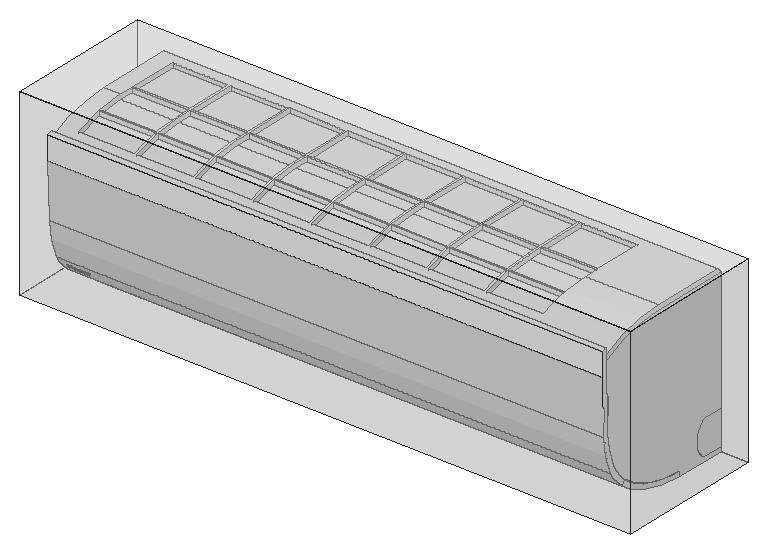
Revit family "outputfile", category 機械設備, Revit 2024
Family settings
  丸型コネクタ寸法 = 半径を使用
  パーツ タイプ = 標準
  OmniClass 番号 = 23.75.10.24.21.27.27
  OmniClass タイトル = Split System Air Conditioning Units
  作業面ベース = いいえ
  常に垂直 = はい
  ロード時にボイドで切り取り = いいえ
  注釈の向きを維持 = いいえ
  共有 = いいえ
  部屋計算ポイント = いいえ
Parameters (values of type "FTXV60QVMV")
  Description = ""
  書き出し IFC クラス(タイプ) = "IfcUnitaryEquipmentType"
  定義済み IFC タイプ(タイプ) = "AIRCONDITIONINGUNIT"
  Cost = 0
  Type Comments = ""
  Keynote = ""
  Type Image = (empty or 0)
  Assembly Code = ""
  w_wall hole = if(Width = 770.0 mm, 48.0 mm, 60.0 mm)  # 60.0 mm
  製造元 = "Daikin"
  モデル = "FTXV60QVMV"
  switch_frequency = yes
  r_Liquid Pipe Size = Liquid Pipe Size / 2  # 3.2 mm
  r_Gas Pipe Size = Gas Pipe Size / 2  # 6.35 mm
  r_Drain Pipe Size = Drain Pipe Size / 2  # 8.0 mm
  lw_powersupply [instance] = if(Width = 770.0 mm, if(or(Rear Right Connection_refrigerant, Bottom Right Connection_refrigerant), 25.0 mm, if(or(Rear Left Connection_refrigerant, Bottom Left Connection_refrigerant), 745.0 mm, 400.0 mm)), if(Width = 990.0 mm, if(or(Rear Right Connection_refrigerant, Bottom Right Connection_refrigerant), 40.0 mm, if(or(Rear Left Connection_refrigerant, Bottom Left Connection_refrigerant), 920.0 mm, 400.0 mm)), if(or(Rear Right Connection_refrigerant, Bottom Right Connection_refrigerant), 40.0 mm, if(or(Rear Left Connection_refrigerant, Bottom Left Connection_refrigerant), 920.0 mm, 400.0 mm))))  # 400.0 mm
  lw_liquidpipe [instance] = if(Width = 770.0 mm, if(or(Rear Right Connection_refrigerant, Bottom Right Connection_refrigerant), 0.0 mm, if(or(Rear Left Connection_refrigerant, Bottom Left Connection_refrigerant), 664.0 mm, 385.0 mm)), if(Width = 990.0 mm, if(or(Rear Right Connection_refrigerant, Bottom Right Connection_refrigerant), 0.0 mm, if(or(Rear Left Connection_refrigerant, Bottom Left Connection_refrigerant), 664.0 mm + (990.0 mm - 770.0 mm), 475.0 mm)), if(or(Rear Right Connection_refrigerant, Bottom Right Connection_refrigerant), 0.0 mm, if(or(Rear Left Connection_refrigerant, Bottom Left Connection_refrigerant), 664.0 mm + (990.0 mm - 770.0 mm), 475.0 mm))))  # 475.0 mm
  lw_gaspipe [instance] = if(Width = 770.0 mm, if(or(Rear Right Connection_refrigerant, Bottom Right Connection_refrigerant), 0.0 mm, if(or(Rear Left Connection_refrigerant, Bottom Left Connection_refrigerant), 675.0 mm, if(Gas Pipe Size = 12.7 mm, 345.0 mm, 335.0 mm))), if(Width = 990.0 mm, if(or(Rear Right Connection_refrigerant, Bottom Right Connection_refrigerant), 10.0 mm, if(or(Rear Left Connection_refrigerant, Bottom Left Connection_refrigerant), 890.0 mm, if(Gas Pipe Size = 15.9 mm, 410.0 mm, 400.0 mm))), if(or(Rear Right Connection_refrigerant, Bottom Right Connection_refrigerant), 10.0 mm, if(or(Rear Left Connection_refrigerant, Bottom Left Connection_refrigerant), 890.0 mm, if(Gas Pipe Size = 15.9 mm, 410.0 mm, 400.0 mm)))))  # 400.0 mm
  lw_drainpipe [instance] = if(Width = 770.0 mm, if(or(Rear Right Connection_refrigerant, Bottom Right Connection_refrigerant), 0.0 mm, if(or(Rear Left Connection_refrigerant, Bottom Left Connection_refrigerant), 770.0 mm - 48.0 mm - 48.0 mm, 440.0 mm)), if(Width = 990.0 mm, if(or(Rear Right Connection_refrigerant, Bottom Right Connection_refrigerant), 0.0 mm, if(or(Rear Left Connection_refrigerant, Bottom Left Connection_refrigerant), 675.0 mm + (990.0 mm - 770.0 mm), 435.0 mm)), if(or(Rear Right Connection_refrigerant, Bottom Right Connection_refrigerant), 0.0 mm, if(or(Rear Left Connection_refrigerant, Bottom Left Connection_refrigerant), 675.0 mm + (990.0 mm - 770.0 mm), 435.0 mm))))  # 435.0 mm
  l_powersupply_length [instance] = if(Width = 770.0 mm, if(Right Connection_refrigerant, 400.0 mm, if(Left Connection_refrigerant, 770.0 mm - 400.0 mm, if(or(Rear Left Connection_refrigerant, Rear Right Connection_refrigerant), 15.0 mm, 50.0 mm))), if(Width = 990.0 mm, if(Right Connection_refrigerant, 400.0 mm, if(Left Connection_refrigerant, 990.0 mm - 400.0 mm, if(or(Rear Left Connection_refrigerant, Rear Right Connection_refrigerant), 15.0 mm, 50.0 mm))), if(Right Connection_refrigerant, 400.0 mm, if(Left Connection_refrigerant, 990.0 mm - 400.0 mm, if(or(Rear Left Connection_refrigerant, Rear Right Connection_refrigerant), 15.0 mm, 50.0 mm)))))  # 400.0 mm
  l_liquidpipe_length [instance] = if(Width = 770.0 mm, if(Right Connection_refrigerant, 433.0 mm, if(Left Connection_refrigerant, 337.0 mm, if(or(Rear Left Connection_refrigerant, Rear Right Connection_refrigerant), 30.0 mm, 40.0 mm))), if(Width = 990.0 mm, if(Right Connection_refrigerant, 535.0 mm, if(Left Connection_refrigerant, 455.0 mm, if(or(Rear Left Connection_refrigerant, Rear Right Connection_refrigerant), 30.0 mm, 40.0 mm))), if(Right Connection_refrigerant, 535.0 mm, if(Left Connection_refrigerant, 455.0 mm, if(or(Rear Left Connection_refrigerant, Rear Right Connection_refrigerant), 30.0 mm, 40.0 mm)))))  # 535.0 mm
  l_gaspipe_length [instance] = if(Width = 770.0 mm, if(Right Connection_refrigerant, if(Gas Pipe Size = 12.7 mm, 393.0 mm, 383.0 mm), if(Left Connection_refrigerant, if(Gas Pipe Size = 12.7 mm, 770.0 mm - 393.0 mm, 770.0 mm - 383.0 mm), if(or(Rear Left Connection_refrigerant, Rear Right Connection_refrigerant), 40.0 mm, 50.0 mm))), if(Width = 990.0 mm, if(Right Connection_refrigerant, if(Gas Pipe Size = 15.9 mm, 470.0 mm, 460.0 mm), if(Left Connection_refrigerant, if(Gas Pipe Size = 15.9 mm, 990.0 mm - 470.0 mm, 990.0 mm - 460.0 mm), if(or(Rear Left Connection_refrigerant, Rear Right Connection_refrigerant), 40.0 mm, 50.0 mm))), if(Right Connection_refrigerant, if(Gas Pipe Size = 15.9 mm, 470.0 mm, 460.0 mm), if(Left Connection_refrigerant, if(Gas Pipe Size = 15.9 mm, 990.0 mm - 470.0 mm, 990.0 mm - 460.0 mm), if(or(Rear Left Connection_refrigerant, Rear Right Connection_refrigerant), 40.0 mm, 50.0 mm)))))  # 460.0 mm
  l_drainpipe_length [instance] = if(Width = 770.0 mm, if(Right Connection_refrigerant, 488.0 mm, if(Left Connection_refrigerant, 282.0 mm, if(or(Rear Left Connection_refrigerant, Rear Right Connection_refrigerant), 15.0 mm, 20.0 mm))), if(Width = 990.0 mm, if(Right Connection_refrigerant, 495.0 mm, if(Left Connection_refrigerant, 495.0 mm, if(or(Rear Left Connection_refrigerant, Rear Right Connection_refrigerant), 15.0 mm, 20.0 mm))), if(Right Connection_refrigerant, 495.0 mm, if(Left Connection_refrigerant, 495.0 mm, if(or(Rear Left Connection_refrigerant, Rear Right Connection_refrigerant), 15.0 mm, 20.0 mm)))))  # 495.0 mm
  h*** = 0.0 mm  # constant formula
  connector_voltage = Voltage_50Hz  # 230 V
  connector_powerinput = if([Power Input (Cooling)] > [Power Input (Heating)], [Power Input (Cooling)], [Power Input (Heating)])  # 0.000 kW
  connector_phase = Phase_50Hz  # 1
  angle_vertical [instance] = if(or(Bottom Left Connection_refrigerant, Bottom Right Connection_refrigerant), 0.00°, 90.00°)  # 90.00°
  angle_horizontal [instance] = if(Right Connection_refrigerant, 90.00°, if(Left Connection_refrigerant, -90.00°, if(or(Rear Left Connection_refrigerant, Rear Right Connection_refrigerant), 180.00°, 0.00°)))  # 90.00°
  Width = 990.0 mm
  Voltage_comment_50Hz = "220 - 240"
  Voltage_50Hz = 230 V
  Version = "ver.1.0"
  Unit Type = "Wall Mounted"
  Unit Mass Weight = 13.00 kg
  Unit Designation [instance] = ""
  Uniclass2015Version = "Products v1.30"
  Uniclass2015Title = "Split coil room air conditioning units"
  Uniclass2015Code = "Pr_70_65_03_86"
  URL = ""
  Total Heating Capacity [instance] = 0.000 kW
  Total Cooling Capacity [instance] = 0.000 kW
  Sound Pressure Level_M speed (dBA) = 42
  Sound Pressure Level_L speed (dBA) = 36
  Sound Pressure Level_H speed (dBA) = 48
  Sound Power Level_H speed (dB) = 0
  Series = "Single Split_Fan Coil Unit"
  Sensible Cooling Capacity [instance] = 0.000 kW
  Refrigerant Type = "R32"
  Power Input (Heating) = 0.000 kW
  Power Input (Cooling) = 0.000 kW
  Phase_50Hz = 1
  Option Accessory 3 [instance] = ""
  Option Accessory 2 [instance] = ""
  Option Accessory 1 [instance] = ""
  Nominal Heating Capacity = 7.200 kW
  Nominal Cooling Capacity = 6.000 kW
  Minimum Circuit Amps_50Hz = 0.0 A
  Minimum Airflow = 720.00 m³/h
  Median Airflow = 900.00 m³/h
  Maximum Fuse Amps_50Hz = 0.0 A
  Maximum Airflow = 1120.00 m³/h
  Material_Casing = DAIKIN_PureWhite_Casing_indoorunit
  Load Classification = HVAC
  Liquid Pipe Size = 6.4 mm
  Link_Nested Family [instance] = ""
  IfcVersion = ""
  IfcExportType = "AIRCONDITIONINGUNIT"
  IfcExportAs = "IfcUnitaryEquipmentType"
  Height = 295.0 mm
  Heating Entering Wet Bulb Temperature [instance] = 0.00 °C
  Heating Entering Dry Bulb Temperature [instance] = 0.00 °C
  Heating Ambient Wet Bulb Temperature [instance] = 0.00 °C
  Heating Ambient Dry Bulb Temperature [instance] = 0.00 °C
  Heat Exchanger Type = "Cross Fin Coil"
  Gas Pipe Size = 12.7 mm
  Frequency_50Hz = 50 Hz
  Fan Type = "Cross Flow Fan"
  Fan Drive = "Direct Drive"
  FCU Tag No. [instance] = ""
  Drain Pipe Size = 16.0 mm
  Design Supply Airflow [instance] = 0.00 m³/h
  Depth = 263.0 mm
  既定の高さ = 0.0 mm
  Cooling Entering Wet Bulb Temperature [instance] = 0.00 °C
  Cooling Entering Dry Bulb Temperature [instance] = 0.00 °C
  Cooling Ambient Wet Bulb Temperature [instance] = 0.00 °C
  Cooling Ambient Dry Bulb Temperature [instance] = 0.00 °C
  Clearance visibility [instance] = yes
  Clearance Top = 30.0 mm
  Clearance Right = 50.0 mm
  Clearance Rear = 0.0 mm
  Clearance Left = 50.0 mm
  Clearance Front = 0.0 mm
  Clearance Bottom = 0.0 mm
  Bottom Right Connection_refrigerant [instance] = no
  Bottom Left Connection_refrigerant [instance] = no
  Rear Right Connection_refrigerant [instance] = no
  Rear Left Connection_refrigerant [instance] = no
  Right Connection_refrigerant [instance] = yes
  Left Connection_refrigerant [instance] = no
Reference planes
  plane 1 "Back": y = 0
  plane 2: z = 0
  plane 3 "Center (Left/Right)": x = 0
  plane 4 "Center (Front/Back)": y = -131.5
  plane 5 "Front": y = -263
  plane 6 "Left": x = -495
  plane 7 "Right": x = 495
  plane 8 "Top": z = 0
  plane 9 "Bottom": z = -295
  plane 10: x = -545
  plane 11: x = 545
  plane 12: y = 0
  plane 13: y = -263
  plane 14: z = 30
  plane 15: z = -295
  plane 16 "lw_Piping and Wiring intake": x = 435
  plane 17 "lw_gaspipe": x = 35
  plane 18 "lw_liquidpipe": x = -40
  plane 19 "lw_drainpipe": x = 0
  plane 20 "lh_drainpipe": z = -275
  plane 21 "lh_liquidpipe": z = -255
  plane 22 "lh_gaspipe": z = -245
  plane 23 "ld_drainpipe": y = -15
  plane 24 "ld_liquidpipe": y = -30
  plane 25 "ld_gaspipe": y = -40
  plane 26 "lw_powersupply": x = 95
Dimensions and locks
  equal spacing: plane 6 "Left", plane 3 "Center (Left/Right)", plane 7 "Right"
  "Width": plane 6 "Left" to plane 7 "Right"
  equal spacing: plane 5 "Front", plane 4 "Center (Front/Back)", plane 1 "Back"
  "Depth": plane 5 "Front" to plane 1 "Back"
  "Height": plane 8 "Top" to plane 9 "Bottom"
  "Clearance Rear": plane 12 to plane 1 "Back"
  "Clearance Front": plane 13 to plane 5 "Front"
  "Clearance Top": plane 14 to plane 8 "Top"
  "Clearance Bottom": plane 9 "Bottom" to plane 15
  "w_wall hole": plane 16 "lw_Piping and Wiring intake" to plane 7 "Right"
  "lw_gaspipe": plane 17 "lw_gaspipe" to plane 16 "lw_Piping and Wiring intake"
  "lw_liquidpipe": plane 18 "lw_liquidpipe" to plane 16 "lw_Piping and Wiring intake"
  "lw_drainpipe": plane 19 "lw_drainpipe" to plane 16 "lw_Piping and Wiring intake"
  locked: plane 20 "lh_drainpipe" to plane 9 "Bottom" at 20
  locked: plane 21 "lh_liquidpipe" to plane 9 "Bottom" at 40
  locked: plane 22 "lh_gaspipe" to plane 9 "Bottom" at 50
  locked: plane 23 "ld_drainpipe" to plane 1 "Back" at 15
  locked: plane 1 "Back" to plane 24 "ld_liquidpipe" at 30
  locked: plane 1 "Back" to plane 25 "ld_gaspipe" at 40
  "lw_powersupply": plane 26 "lw_powersupply" to plane 7 "Right"
  "Clearance Left": plane 10 to plane 6 "Left"
  "Clearance Right": plane 7 "Right" to plane 11
  aligned and locked: level to plane 2
  aligned and locked: plane 12 to nested 1
  aligned and locked: nested 1 to plane 13
  aligned and locked: plane 10 to nested 1
  aligned and locked: plane 11 to nested 1
  aligned and locked: plane 15 to nested 1
  aligned and locked: plane 14 to nested 1
  aligned and locked: plane 17 "lw_gaspipe" to nested 2
  aligned and locked: nested 2 to plane 25 "ld_gaspipe"
  aligned and locked: plane 18 "lw_liquidpipe" to nested 3
  aligned and locked: nested 3 to plane 24 "ld_liquidpipe"
  aligned and locked: plane 19 "lw_drainpipe" to nested 4
  aligned and locked: nested 4 to plane 23 "ld_drainpipe"
  aligned and locked: nested 5 to plane 23 "ld_drainpipe"
  aligned and locked: plane 26 "lw_powersupply" to nested 5
  aligned and locked: level to plane 8 "Top"
  aligned and locked: plane 3 "Center (Left/Right)" to nested 6
  aligned and locked: plane 1 "Back" to nested 6
  aligned and locked: plane 8 "Top" to nested 6
Nested families
  nested 1: "daikin_clearancespace" at (0, -131.5, -132.381), show <- "Clearance visibility", visible <- "Clearance visibility", Link_Nested Family <- "Link_Nested Family", type "daikin_clearancespace"
    with width 1090.0 mm, show yes, height 325.0 mm, depth 263.0 mm, Link_Nested Family ""
  nested 2: "daikin_connector_rotate3" at (35, -40, -245), angle_vertical <- "angle_vertical", angle_horizontal <- "angle_horizontal", length <- "l_gaspipe_length", radius <- "r_Gas Pipe Size", type "daikin_connector_rotate3"
    with show no, radius 6.35 mm, length 460.0 mm, angle_vertical 90.00°, angle_horizontal 90.00°
  nested 3: "daikin_connector_rotate3" at (-40, -30, -255), angle_vertical <- "angle_vertical", angle_horizontal <- "angle_horizontal", radius <- "r_Liquid Pipe Size", length <- "l_liquidpipe_length", type "daikin_connector_rotate3"
    with show no, radius 3.2 mm, length 535.0 mm, angle_vertical 90.00°, angle_horizontal 90.00°
  nested 4: "daikin_connector_rotate3" at (0, -15, -275), angle_vertical <- "angle_vertical", angle_horizontal <- "angle_horizontal", length <- "l_drainpipe_length", radius <- "r_Drain Pipe Size", type "daikin_connector_rotate3"
    with show no, radius 8.0 mm, length 495.0 mm, angle_vertical 90.00°, angle_horizontal 90.00°
  nested 5: "daikin_connector_rotate3" at (95, -15, -245), angle_vertical <- "angle_vertical", angle_horizontal <- "angle_horizontal", length <- "l_powersupply_length", type "daikin_connector_rotate3"
    with show no, radius 10.0 mm, length 400.0 mm, angle_vertical 90.00°, angle_horizontal 90.00°
  nested 6: "DAIKIN_indoorunit_FTXV-QVMV" at (-31, 0, 0), type "FTXV-QVMV"
    with switch_unit1_50-71 yes, switch_unit1_25-35 no, Width 990.0 mm, WALL HOLE-R 60.0 mm, WALL HOLE Size 80.0 mm, Height 295.0 mm
Connectors
  piping at (495, -40, -245), diameter 12.7, driven by "r_Gas Pipe Size"
    settings: on nested 2, index 1, connector inside diameter 609.6 mm, connector length 0.0 mm, flow factor 0, pipe flow 0.00 m³/h, pressure drop 0.0 Pa, fitting loss kfactor 0, connector angle 0.00°, fixture units 0, engagement length 0.0 mm, angle of deflection 0.00°, flow configuration 1, flow direction 2, fitting loss method 0, system type 29, joint type 0, gender type 0, connector reference index -1, connector utility 0, adjustable connector no, is connector primary yes, connector description "Refrigerant Gas Piping"
  piping at (495, -30, -255), diameter 6.4, driven by "r_Liquid Pipe Size"
    settings: on nested 3, index 2, connector inside diameter 609.6 mm, connector length 0.0 mm, flow factor 0, pipe flow 0.00 m³/h, pressure drop 0.0 Pa, fitting loss kfactor 0, connector angle 0.00°, fixture units 0, engagement length 0.0 mm, angle of deflection 0.00°, flow configuration 1, flow direction 1, fitting loss method 0, system type 29, joint type 0, gender type 0, connector reference index -1, connector utility 0, adjustable connector no, is connector primary no, connector description "Refrigerant Liquid Piping"
  piping at (495, -15, -275), diameter 16, driven by "r_Drain Pipe Size"
    settings: on nested 4, index 3, connector inside diameter 609.6 mm, connector length 0.0 mm, flow factor 0, pipe flow 0.00 m³/h, pressure drop 0.0 Pa, fitting loss kfactor 0, connector angle 0.00°, fixture units 0, engagement length 0.0 mm, angle of deflection 0.00°, flow configuration 1, flow direction 2, fitting loss method 4, system type 16, joint type 0, gender type 0, connector reference index -1, connector utility 0, adjustable connector no, is connector primary no, connector description "Condensate Drain Piping"
  electrical at (495, -15, -245), driven by "Load Classification", driven by "connector_powerinput", driven by "connector_phase", driven by "connector_voltage"
    settings: on nested 5, index 4, voltage 230 V, apparent load 0 VA, apparent load phase1 0 VA, apparent load phase2 0 VA, apparent load phase3 0 VA, power factor 1, load classification "HVAC", number of poles 1, system type 30, power factor state 1, is connector primary yes, connector utility no, sub classification motor no, connector description "Power Supply"
Definition of nested family "daikin_clearancespace"
  Parameters (values of type "daikin_clearancespace")
    Description = "daikin_clearancespace"
    width [instance] = 1823.963 mm
    show [instance] = yes
    material = none
    height [instance] = 1359.762 mm
    depth [instance] = 880.0 mm
    Default Elevation = 0.0 mm
    Link_Nested Family [instance] = ""
  Reference planes
    plane 1 "Center (Front/Back)": y = 0
    plane 2 "Center (Elevation)": z = -0.119
    plane 3 "Center (Left/Right)": x = 0
    plane 4: y = 440
    plane 5: y = -440
    plane 6 "Right": x = 911.982
    plane 7 "Left": x = -911.982
    plane 8 "Top": z = 679.762
    plane 9 "Bottom": z = -680
  Forms (mm)
    Extrusion 1, solid, material <- "material", visible <- "show"
      sketch origin (0, 0, 0) x (1, 0, 0) y (0, 1, 0)
        loop
          line (-911.982, 440) -> (-911.982, -440) -> (911.982, -440) -> (911.982, 440) -> (-911.982, 440)
      from -680 to 679.762
  Lines and regions (mm)
    symbolic lines, visible <- "show"
      curve 1: line (911.982, 440, 0) -> (-911.982, 440, 0)
      curve 2: line (-911.982, 440, 0) -> (-911.982, -440, 0)
      curve 3: line (-911.982, -440, 0) -> (911.982, -440, 0)
      curve 4: line (911.982, -440, 0) -> (911.982, 440, 0)
      curve 5: line (911.982, 0, 679.762) -> (-911.982, 0, 679.762)
      curve 6: line (911.982, 0, -680) -> (911.982, 0, 679.762)
      curve 7: line (-911.982, 0, -680) -> (911.982, 0, -680)
      curve 8: line (-911.982, 0, 679.762) -> (-911.982, 0, -680)
      curve 9: line (0, 440, 679.762) -> (0, -440, 679.762)
      curve 10: line (0, -440, 679.762) -> (0, -440, -680)
      curve 11: line (0, 440, -680) -> (0, 440, 679.762)
      curve 12: line (0, -440, -680) -> (0, 440, -680)
  Dimensions and locks
    "width": plane 7 "Left" to plane 6 "Right"
    "depth": plane 4 to plane 5
    "height": plane 8 "Top" to plane 9 "Bottom"
    equal spacing: plane 7 "Left", plane 3 "Center (Left/Right)", plane 6 "Right"
    equal spacing: plane 4, plane 1 "Center (Front/Back)", plane 5
    equal spacing: plane 8 "Top", plane 2 "Center (Elevation)", plane 9 "Bottom"
    aligned and locked: level to plane 2 "Center (Elevation)"
    aligned and locked: Extrusion 1 sketch curve to plane 4
    aligned and locked: plane 7 "Left" to Extrusion 1 sketch curve
    aligned and locked: Extrusion 1 sketch curve to plane 5
    aligned and locked: Extrusion 1 sketch curve to plane 6 "Right"
    aligned and locked: plane 8 "Top" to Extrusion 1
    aligned and locked: curve 1 to Extrusion 1
    aligned and locked: curve 2 to Extrusion 1
    aligned and locked: curve 3 to Extrusion 1
    aligned and locked: curve 4 to Extrusion 1
    aligned and locked: curve 5 to Extrusion 1
    aligned and locked: curve 6 to Extrusion 1
    aligned and locked: curve 7 to Extrusion 1
    aligned and locked: curve 8 to Extrusion 1
    aligned and locked: curve 9 to Extrusion 1
    aligned and locked: curve 10 to Extrusion 1
    aligned and locked: curve 11 to Extrusion 1
    aligned and locked: curve 12 to Extrusion 1
    aligned and locked: Extrusion 1 to plane 9 "Bottom"
Definition of nested family "DAIKIN_indoorunit_FTXV-QVMV"
  Parameters (values of type "CTKM-RVMV")
    switch_unit1_50-71 = Width = 990.0 mm  # no
    switch_unit1_25-35 = Width = 770.0 mm  # yes
    Width = 770.0 mm
    WALL HOLE-R = if(Width = 770.0 mm, 48.0 mm, 60.0 mm)  # 48.0 mm
    WALL HOLE Size = if(Width = 770.0 mm, 65.0 mm, 80.0 mm)  # 65.0 mm
    Material_Casing = none
    Height = if(Width = 770.0 mm, 285.0 mm, 295.0 mm)  # 285.0 mm
    Default Elevation = 0.0 mm
  Reference planes
    plane 1 "Center (Front/Back)": y = 0
    plane 2 "reference_level": z = 0
    plane 3 "Center (Left/Right)": x = 31
    plane 4: x = -354
    plane 5: x = 416
    plane 6: z = -285
  Forms (mm)
    Extrusion 1, solid, material <- "Material_Casing", visible <- "switch_unit1_25-35"
      sketch origin (29, 0, 0) x (0, 1, 0) y (0, 0, 1)
        loop
          line (-5, 0) -> (-98, 0)
          arc (-98, 0) -> (-157.611, -7.211) -> (-213.783, -28.427) r 250
          arc (-213.783, -28.427) -> (-213.842, -32.972) -> (-213.892, -37.516) r 2191
          arc (-213.892, -37.516) -> (-157.832, -15.495) -> (-98.07, -8) r 242
          line (-98.07, -8) -> (0, -8) -> (-5, 0)
      from -383 to 387
    Extrusion 2, solid, material <- "Material_Casing", visible <- "switch_unit1_25-35"
      sketch origin (416, 1296.25, 1200) x (0, 1, 0) y (0, 0, 1)
        loop
          line (-1472.998, -1446.91) -> (-1476.998, -1453.839)
          arc (-1476.998, -1453.839) -> (-1437.481, -1472.422) -> (-1395.25, -1483.538) r 240
          line (-1395.25, -1483.538) -> (-1395.25, -1475.422)
          arc (-1395.25, -1475.422) -> (-1435.407, -1464.663) -> (-1472.998, -1446.91) r 232
      from 0 to -47.5
    Extrusion 3, solid, material <- "Material_Casing", visible <- "switch_unit1_25-35"
      sketch origin (29, 0, 0) x (0, 1, 0) y (0, 0, 1)
        loop
          arc (-223, -60.455) -> (-222.414, -110.646) -> (-220.656, -160.81) r 2149.92
          arc (-220.656, -160.81) -> (-219.65, -174.299) -> (-217.853, -187.706) r 229.911
          arc (-217.853, -187.706) -> (-205.371, -223.594) -> (-181.517, -253.17) r 111
          line (-181.517, -253.17) -> (-177.429, -246.093)
          arc (-177.429, -246.093) -> (-198.77, -218.989) -> (-209.965, -186.36) r 103
          arc (-209.965, -186.36) -> (-211.681, -173.586) -> (-212.651, -160.735) r 221.844
          arc (-212.651, -160.735) -> (-214.739, -93.233) -> (-214.74, -25.699) r 2186.828
          arc (-214.74, -25.699) -> (-214.671, -21.467) -> (-214.594, -17.235) r 2192
          line (-214.594, -17.235) -> (-223, -19.961) -> (-223, -60.455)
      from -383 to 387
    Extrusion 4, solid, material <- "Material_Casing", visible <- "switch_unit1_25-35"
      sketch origin (29, 0, -20) x (0, 1, 0) y (0, 0, 1)
        loop
          line (0, -265) -> (0, 12) -> (-98.07, 12)
          arc (-98.07, 12) -> (-157.832, 4.505) -> (-213.892, -17.516) r 242
          arc (-213.892, -17.516) -> (-213.638, -79.114) -> (-211.653, -140.681) r 2191
          arc (-211.653, -140.681) -> (-210.685, -153.501) -> (-208.973, -166.243) r 221
          arc (-208.973, -166.243) -> (-197.471, -199.282) -> (-175.482, -226.491) r 102
          arc (-175.482, -226.491) -> (-138.004, -244.019) -> (-98, -254.579) r 231
          line (-98, -254.579) -> (-98, -265) -> (0, -265)
      from -383 to 387
    Extrusion 5, solid, material <- "Material_Casing", visible <- "switch_unit1_25-35"
      sketch origin (-354, 1296.25, 1200) x (0, 1, 0) y (0, 0, 1)
        loop
          line (-1472.998, -1446.91) -> (-1476.998, -1453.839)
          arc (-1476.998, -1453.839) -> (-1437.481, -1472.422) -> (-1395.25, -1483.538) r 240
          line (-1395.25, -1483.538) -> (-1395.25, -1475.422)
          arc (-1395.25, -1475.422) -> (-1435.407, -1464.663) -> (-1472.998, -1446.91) r 232
      from 47 to 0
    Extrusion 6, solid, material <- "Material_Casing", visible <- "switch_unit1_25-35"
      sketch origin (416, 1296.25, 1200) x (0, 1, 0) y (0, 0, 1)
        loop
          line (-1472.998, -1446.91) -> (-1476.998, -1453.839)
          arc (-1476.998, -1453.839) -> (-1443.437, -1470.168) -> (-1407.75, -1481.097) r 240
          line (-1407.75, -1481.097) -> (-1407.75, -1472.894)
          arc (-1407.75, -1472.894) -> (-1441.363, -1462.385) -> (-1472.998, -1446.91) r 232
      from -116.993 to -48.493
    Extrusion 7, solid, material <- "Material_Casing", visible <- "switch_unit1_25-35"
      sketch origin (416, 1296.25, 1200) x (0, 1, 0) y (0, 0, 1)
        loop
          line (-1472.998, -1446.91) -> (-1476.998, -1453.839)
          arc (-1476.998, -1453.839) -> (-1443.437, -1470.168) -> (-1407.75, -1481.097) r 240
          line (-1407.75, -1481.097) -> (-1407.75, -1472.894)
          arc (-1407.75, -1472.894) -> (-1441.363, -1462.385) -> (-1472.998, -1446.91) r 232
      from -717 to -121.993
    Extrusion 8, void
      sketch origin (31, 0, -235) x (1, 0, 0) y (0, 1, 0)
        loop
          line (-252.674, -22.316) -> (-354.941, -22.316) -> (-354.941, -91.341) -> (-252.674, -91.341) -> (-252.674, -22.316)
        loop
          line (-249.341, -91.341) -> (-151.574, -91.341) -> (-151.574, -22.316) -> (-249.341, -22.316) -> (-249.341, -91.341)
        loop
          line (58.309, -22.316) -> (-148.309, -22.316) -> (-148.309, -91.341) -> (58.309, -91.341) -> (58.309, -22.316)
        loop
          line (61.689, -22.316) -> (61.689, -91.341) -> (159.457, -91.341) -> (159.457, -22.316) -> (61.689, -22.316)
        loop
          line (162.789, -22.316) -> (162.789, -91.341) -> (265.057, -91.341) -> (265.057, -22.316) -> (162.789, -22.316)
        loop
          line (-354.941, -94.659) -> (-354.941, -165.259) -> (-252.674, -165.259) -> (-252.674, -94.659) -> (-354.941, -94.659)
        loop
          line (-249.341, -94.659) -> (-249.341, -165.259) -> (-151.574, -165.259) -> (-151.574, -94.659) -> (-249.341, -94.659)
        loop
          line (-148.309, -94.659) -> (-148.309, -165.259) -> (58.309, -165.259) -> (58.309, -94.659) -> (-148.309, -94.659)
        loop
          line (61.689, -94.659) -> (61.689, -165.259) -> (159.457, -165.259) -> (159.457, -94.659) -> (61.689, -94.659)
        loop
          line (162.789, -94.659) -> (162.789, -165.259) -> (265.057, -165.259) -> (265.057, -94.659) -> (162.789, -94.659)
        loop
          line (-354.941, -167.382) -> (-354.941, -192.681) -> (-252.674, -192.681) -> (-252.674, -167.382) -> (-354.941, -167.382)
        loop
          line (-249.341, -167.382) -> (-249.341, -192.681) -> (-151.574, -192.681) -> (-151.574, -167.382) -> (-249.341, -167.382)
        loop
          line (-148.309, -167.382) -> (-148.309, -192.681) -> (58.309, -192.681) -> (58.309, -167.382) -> (-148.309, -167.382)
        loop
          line (159.457, -167.382) -> (61.689, -167.382) -> (61.689, -192.681) -> (159.457, -192.681) -> (159.457, -167.382)
        loop
          line (265.057, -167.382) -> (162.789, -167.382) -> (162.789, -192.681) -> (265.057, -192.681) -> (265.057, -167.382)
      from 201.638 to 250
    Extrusion 9, solid, material <- "Material_Casing"
      sketch origin (31, 0, 0) x (1, 0, 0) y (0, 0, 1)
        loop
          circle (337, -240.5) r 32.5
        loop
          circle (-337, -240.5) r 32.5
      from 0 to 5
    Extrusion 10, solid, material <- "Material_Casing", visible <- "switch_unit1_25-35"
      sketch origin (416, 1296.25, 1200) x (0, -1, 0) y (0, 0, 1)
        loop
          line (1326.25, -1417) -> (1296.25, -1417) -> (1296.25, -1477) -> (1326.25, -1477)
          arc (1326.25, -1477) -> (1340.393, -1471.142) -> (1346.25, -1457) r 20
          line (1346.25, -1457) -> (1346.25, -1437)
          arc (1346.25, -1437) -> (1340.393, -1422.858) -> (1326.25, -1417) r 20
      from 0 to 5
    Extrusion 11, solid, material <- "Material_Casing", visible <- "switch_unit1_25-35"
      sketch origin (-354, 1296.25, 1200) x (0, 1, 0) y (0, 0, 1)
        loop
          line (-1296.25, -1417) -> (-1326.25, -1417)
          arc (-1326.25, -1417) -> (-1340.393, -1422.858) -> (-1346.25, -1437) r 20
          line (-1346.25, -1437) -> (-1346.25, -1457)
          arc (-1346.25, -1457) -> (-1340.393, -1471.142) -> (-1326.25, -1477) r 20
          line (-1326.25, -1477) -> (-1296.25, -1477) -> (-1296.25, -1417)
      from 0 to 5
    Extrusion 12, solid, material <- "Material_Casing", visible <- "switch_unit1_25-35"
      sketch origin (31, 0, -285) x (-1, 0, 0) y (0, -1, 0)
        loop
          line (-314, 0) -> (-314, 30)
          arc (-314, 30) -> (-319.858, 44.142) -> (-334, 50) r 20
          line (-334, 50) -> (-354, 50)
          arc (-354, 50) -> (-368.142, 44.142) -> (-374, 30) r 20
          line (-374, 30) -> (-374, 0) -> (-314, 0)
        loop
          line (374, 0) -> (374, 30)
          arc (374, 30) -> (368.142, 44.142) -> (354, 50) r 20
          line (354, 50) -> (334, 50)
          arc (334, 50) -> (319.858, 44.142) -> (314, 30) r 20
          line (314, 30) -> (314, 0) -> (374, 0)
      from 0 to 5
    Extrusion 13, solid, material <- "Material_Casing", visible <- "switch_unit1_50-71"
      sketch origin (31, 0, 0) x (0, 1, 0) y (0, 0, 1)
        loop
          line (-5, 0) -> (-138, 0)
          arc (-138, 0) -> (-197.611, -7.211) -> (-253.783, -28.427) r 250
          arc (-253.783, -28.427) -> (-253.838, -32.687) -> (-253.886, -36.946) r 2191
          arc (-253.886, -36.946) -> (-197.73, -15.346) -> (-138.014, -8) r 246.393
          line (-138.014, -8) -> (0, -8) -> (-5, 0)
      from -495 to 495
    Extrusion 14, solid, material <- "Material_Casing", visible <- "switch_unit1_50-71"
      sketch origin (418, 1296.25, 1200) x (0, 1, 0) y (0, 0, 1)
        loop
          arc (-1515.208, -1454.149) -> (-1506.856, -1460.599) -> (-1497.925, -1466.219) r 110
          arc (-1497.925, -1466.219) -> (-1445.718, -1487.493) -> (-1389.844, -1494.995) r 223
          line (-1389.844, -1494.995) -> (-1389.844, -1486.086) -> (-1404.386, -1486.086)
          arc (-1404.386, -1486.086) -> (-1449.542, -1477.46) -> (-1491.818, -1459.402) r 214.289
          arc (-1491.818, -1459.402) -> (-1501.056, -1453.541) -> (-1509.606, -1446.715) r 101
          line (-1509.606, -1446.715) -> (-1515.208, -1454.149)
      from 108 to 57.5
    Extrusion 15, solid, material <- "Material_Casing", visible <- "switch_unit1_50-71"
      sketch origin (31, 0, 0) x (0, 1, 0) y (0, 0, 1)
        loop
          line (-263, -19.962) -> (-263, -61.6)
          arc (-263, -61.6) -> (-262.414, -110.219) -> (-260.656, -158.81) r 2017.341
          arc (-260.656, -158.81) -> (-255.648, -191.935) -> (-244.041, -223.362) r 164.725
          arc (-244.041, -223.362) -> (-233.569, -239.793) -> (-219.717, -253.495) r 87.379
          line (-219.717, -253.495) -> (-214.706, -246.846)
          arc (-214.706, -246.846) -> (-229.564, -230.029) -> (-240.385, -210.371) r 102
          arc (-240.385, -210.371) -> (-249.049, -182.962) -> (-252.848, -154.467) r 165.789
          arc (-252.848, -154.467) -> (-254.771, -90.102) -> (-254.74, -25.708) r 2122.533
          arc (-254.74, -25.708) -> (-254.671, -21.469) -> (-254.594, -17.23) r 2192
          line (-254.594, -17.23) -> (-263, -19.962)
      from -495 to 495
    Extrusion 16, void
      sketch origin (33, 0, 0) x (1, 0, 0) y (0, 1, 0)
        loop
          line (-466.909, -22.316) -> (-466.909, -111.341) -> (-366.303, -111.341) -> (-366.303, -22.316) -> (-466.909, -22.316)
        loop
          line (-362.71, -22.316) -> (-362.71, -111.341) -> (-262.103, -111.341) -> (-262.103, -22.316) -> (-362.71, -22.316)
        loop
          line (-258.51, -22.316) -> (-258.51, -111.341) -> (-157.904, -111.341) -> (-157.904, -22.316) -> (-258.51, -22.316)
        loop
          line (-154.31, -22.316) -> (-154.31, -111.341) -> (-53.704, -111.341) -> (-53.704, -22.316) -> (-154.31, -22.316)
        loop
          line (-50.11, -22.316) -> (-50.11, -111.341) -> (50.496, -111.341) -> (50.496, -22.316) -> (-50.11, -22.316)
        loop
          line (54.089, -22.316) -> (54.089, -111.341) -> (154.696, -111.341) -> (154.696, -22.316) -> (54.089, -22.316)
        loop
          line (158.289, -22.316) -> (158.289, -111.341) -> (258.895, -111.341) -> (258.895, -22.316) -> (158.289, -22.316)
        loop
          line (262.489, -22.316) -> (262.489, -111.341) -> (363.095, -111.341) -> (363.095, -22.316) -> (262.489, -22.316)
        loop
          line (-466.909, -114.459) -> (-466.909, -185.059) -> (-366.303, -185.059) -> (-366.303, -114.459) -> (-466.909, -114.459)
        loop
          line (-362.71, -114.459) -> (-362.71, -185.059) -> (-262.103, -185.059) -> (-262.103, -114.459) -> (-362.71, -114.459)
        loop
          line (-258.51, -114.459) -> (-258.51, -185.059) -> (-157.904, -185.059) -> (-157.904, -114.459) -> (-258.51, -114.459)
        loop
          line (-154.31, -114.459) -> (-154.31, -185.059) -> (-53.704, -185.059) -> (-53.704, -114.459) -> (-154.31, -114.459)
        loop
          line (-50.11, -114.459) -> (-50.11, -185.059) -> (50.496, -185.059) -> (50.496, -114.459) -> (-50.11, -114.459)
        loop
          line (54.089, -114.459) -> (54.089, -185.059) -> (154.696, -185.059) -> (154.696, -114.459) -> (54.089, -114.459)
        loop
          line (158.289, -114.459) -> (158.289, -185.059) -> (258.895, -185.059) -> (258.895, -114.459) -> (158.289, -114.459)
        loop
          line (262.489, -114.459) -> (262.489, -185.059) -> (363.095, -185.059) -> (363.095, -114.459) -> (262.489, -114.459)
        loop
          line (-466.909, -187.382) -> (-466.909, -232.681) -> (-366.303, -232.681) -> (-366.303, -187.382) -> (-466.909, -187.382)
        loop
          line (-362.71, -187.382) -> (-362.71, -232.681) -> (-262.103, -232.681) -> (-262.103, -187.382) -> (-362.71, -187.382)
        loop
          line (-258.51, -187.382) -> (-258.51, -232.681) -> (-157.904, -232.681) -> (-157.904, -187.382) -> (-258.51, -187.382)
        loop
          line (-154.31, -187.382) -> (-154.31, -232.681) -> (-53.704, -232.681) -> (-53.704, -187.382) -> (-154.31, -187.382)
        loop
          line (-50.11, -187.382) -> (-50.11, -232.681) -> (50.496, -232.681) -> (50.496, -187.382) -> (-50.11, -187.382)
        loop
          line (54.089, -187.382) -> (54.089, -232.681) -> (154.696, -232.681) -> (154.696, -187.382) -> (54.089, -187.382)
        loop
          line (158.289, -187.382) -> (158.289, -232.681) -> (258.895, -232.681) -> (258.895, -187.382) -> (158.289, -187.382)
        loop
          line (262.489, -187.382) -> (262.489, -232.681) -> (363.095, -232.681) -> (363.095, -187.382) -> (262.489, -187.382)
      from -40.013 to 47.268
    Extrusion 17, solid, material <- "Material_Casing", visible <- "switch_unit1_50-71"
      sketch origin (-356, 1296.25, 1200) x (0, 1, 0) y (0, 0, -1)
        loop
          line (-1515.208, 1454.149) -> (-1509.606, 1446.715)
          arc (-1509.606, 1446.715) -> (-1501.056, 1453.541) -> (-1491.818, 1459.402) r 101
          arc (-1491.818, 1459.402) -> (-1449.542, 1477.46) -> (-1404.386, 1486.086) r 214.289
          line (-1404.386, 1486.086) -> (-1389.844, 1486.086) -> (-1389.844, 1494.995)
          arc (-1389.844, 1494.995) -> (-1445.718, 1487.493) -> (-1497.925, 1466.219) r 223
          arc (-1497.925, 1466.219) -> (-1506.856, 1460.599) -> (-1515.208, 1454.149) r 110
      from 108 to 61
    Extrusion 18, solid, material <- "Material_Casing", visible <- "switch_unit1_50-71"
      sketch origin (418, 1296.25, 1200) x (0, 1, 0) y (0, 0, 1)
        loop
          arc (-1515.208, -1454.149) -> (-1506.856, -1460.599) -> (-1497.925, -1466.219) r 110
          arc (-1497.925, -1466.219) -> (-1463.185, -1482.066) -> (-1426.25, -1491.755) r 223
          line (-1426.25, -1491.755) -> (-1426.25, -1483.166)
          arc (-1426.25, -1483.166) -> (-1460.008, -1473.969) -> (-1491.818, -1459.402) r 214.289
          arc (-1491.818, -1459.402) -> (-1501.056, -1453.541) -> (-1509.606, -1446.715) r 101
          line (-1509.606, -1446.715) -> (-1515.208, -1454.149)
      from 56.5 to -36.993
    Extrusion 19, solid, material <- "Material_Casing", visible <- "switch_unit1_50-71"
      sketch origin (418, 1296.25, 1200) x (0, 1, 0) y (0, 0, 1)
        loop
          arc (-1426.25, -1483.166) -> (-1443.442, -1479.224) -> (-1460.25, -1473.881) r 214.289
          line (-1460.25, -1473.881) -> (-1460.25, -1483.089)
          arc (-1460.25, -1483.089) -> (-1443.421, -1488.091) -> (-1426.25, -1491.755) r 223
          line (-1426.25, -1491.755) -> (-1426.25, -1483.166)
      from -43.493 to -828.893
    Extrusion 20, solid, material <- "Material_Casing", visible <- "switch_unit1_50-71"
      sketch origin (418, 1296.25, 1200) x (0, 1, 0) y (0, 0, 1)
        loop
          arc (-1515.208, -1454.149) -> (-1506.856, -1460.599) -> (-1497.925, -1466.219) r 110
          arc (-1497.925, -1466.219) -> (-1479.479, -1475.527) -> (-1460.25, -1483.089) r 223
          line (-1460.25, -1483.089) -> (-1460.25, -1473.881)
          arc (-1460.25, -1473.881) -> (-1476.328, -1467.282) -> (-1491.818, -1459.402) r 214.289
          arc (-1491.818, -1459.402) -> (-1501.056, -1453.541) -> (-1509.606, -1446.715) r 101
          line (-1509.606, -1446.715) -> (-1515.208, -1454.149)
      from -43.493 to -828.893
    Extrusion 21, solid, material <- "Material_Casing", visible <- "switch_unit1_50-71"
      sketch origin (31, 0, -30) x (0, 1, 0) y (0, 0, 1)
        loop
          line (0, 22) -> (-138.014, 22)
          arc (-138.014, 22) -> (-197.73, 14.654) -> (-253.886, -6.946) r 246.393
          arc (-253.886, -6.946) -> (-253.682, -65.635) -> (-251.855, -124.295) r 2120.935
          arc (-251.855, -124.295) -> (-248.086, -152.682) -> (-239.461, -179.988) r 164.789
          arc (-239.461, -179.988) -> (-228.903, -199.231) -> (-214.437, -215.738) r 101
          line (-214.437, -215.738) -> (-212.406, -216.221)
          arc (-212.406, -216.221) -> (-204.07, -222.837) -> (-195.079, -228.53) r 100
          arc (-195.079, -228.53) -> (-145.557, -248.629) -> (-92.593, -255.785) r 213.289
          line (-92.593, -255.785) -> (-92.593, -265) -> (0, -265) -> (0, 22)
      from -495 to 495
    Extrusion 22, solid, material <- "Material_Casing", visible <- "switch_unit1_50-71"
      sketch origin (526, 1296.25, 1200) x (0, -1, 0) y (0, 0, 1)
        loop
          line (1326.25, -1427.035) -> (1296.25, -1427.035) -> (1296.25, -1487.035) -> (1326.25, -1487.035)
          arc (1326.25, -1487.035) -> (1340.393, -1481.177) -> (1346.25, -1467.035) r 20
          line (1346.25, -1467.035) -> (1346.25, -1447.035)
          arc (1346.25, -1447.035) -> (1340.393, -1432.892) -> (1326.25, -1427.035) r 20
      from 0 to 5
    Extrusion 23, solid, material <- "Material_Casing", visible <- "switch_unit1_50-71"
      sketch origin (-459, 1296.25, 1200) x (0, -1, 0) y (0, 0, 1)
        loop
          line (1326.25, -1427.035) -> (1296.25, -1427.035) -> (1296.25, -1487.035) -> (1326.25, -1487.035)
          arc (1326.25, -1487.035) -> (1340.393, -1481.177) -> (1346.25, -1467.035) r 20
          line (1346.25, -1467.035) -> (1346.25, -1447.035)
          arc (1346.25, -1447.035) -> (1340.393, -1432.892) -> (1326.25, -1427.035) r 20
      from 0 to 5
    Extrusion 24, solid, material <- "Material_Casing", visible <- "switch_unit1_50-71"
      sketch origin (31, 200, -295) x (-1, 0, 0) y (0, -1, 0)
        loop
          line (469, 200) -> (469, 230)
          arc (469, 230) -> (463.142, 244.142) -> (449, 250) r 20
          line (449, 250) -> (429, 250)
          arc (429, 250) -> (414.858, 244.142) -> (409, 230) r 20
          line (409, 230) -> (409, 200) -> (469, 200)
        loop
          line (-469, 200) -> (-409, 200) -> (-409, 230)
          arc (-409, 230) -> (-414.858, 244.142) -> (-429, 250) r 20
          line (-429, 250) -> (-449, 250)
          arc (-449, 250) -> (-463.142, 244.142) -> (-469, 230) r 20
          line (-469, 230) -> (-469, 200)
      from 0 to 5
  Cuts and joins
    Extrusion 8 cuts Extrusion 1
    Extrusion 16 cuts Extrusion 13
  Lines and regions (mm)
    reference lines
      curve 1: line (-523, -201.911, -229.404) -> (-523, -193.542, -239.977)
      curve 2: line (-523, -240.779, -229.404) -> (-523, -232.411, -239.977)
  Dimensions and locks
    locked: Extrusion 10 sketch curve to Extrusion 10 sketch curve at 60
    locked: Extrusion 10 sketch curve to Extrusion 10 sketch curve at 50
    locked: Extrusion 12 sketch curve to Extrusion 12 sketch curve at 60  (x2)
    locked: Extrusion 12 sketch curve to Extrusion 12 sketch curve at 50
    equal spacing: plane 5, plane 3 "Center (Left/Right)", plane 4
    "Width": plane 5 to plane 4
    locked: Extrusion 9 sketch curve to plane 4 at 48
    "WALL HOLE-R": plane 5 to Extrusion 9 sketch curve
    "Height": plane 2 "reference_level" to plane 6
    locked: Extrusion 9 sketch curve to plane 6 at 44.5  (x2)
    locked: Extrusion 15 to nested 2 at 15
    locked: Extrusion 22 sketch curve to Extrusion 22 sketch curve at 60
    locked: Extrusion 22 sketch curve to Extrusion 22 sketch curve at 50
    locked: Extrusion 23 sketch curve to Extrusion 23 sketch curve at 60
    locked: Extrusion 23 sketch curve to Extrusion 23 sketch curve at 50
    locked: Extrusion 24 sketch curve to Extrusion 24 sketch curve at 60  (x2)
    locked: Extrusion 24 sketch curve to Extrusion 24 sketch curve at 50  (x2)
    "WALL HOLE Size": diameter of Extrusion 9 sketch curve  (x2)
    aligned and locked: level to plane 2 "reference_level"
    aligned and locked: nested 1 to curve 1
    aligned and locked: Extrusion 11 sketch curve to Extrusion 10  (x4)
    aligned and locked: Extrusion 12 sketch curve to Extrusion 12 sketch curve  (x2)
    aligned and locked: Extrusion 9 to plane 1 "Center (Front/Back)"
    aligned and locked: nested 2 to curve 2
  Automatic sketch dimensions
    curve 1 to level = 239.977 mm
    plane 1 "Center (Front/Back)" to curve 1 = 193.542 mm
    curve 2 to curve 1 = 0.0 mm
    curve 2 to curve 2 = 10.573 mm
    curve 1 to curve 1 = 10.573 mm
    curve 1 to curve 1 = 8.368 mm
    curve 1 to curve 2 = 30.5 mm
    curve 2 to curve 2 = 8.368 mm
    Extrusion 1 sketch curve to level = 0.0 mm
    Extrusion 1 sketch curve to plane 1 "Center (Front/Back)" = 0.0 mm
    plane 1 "Center (Front/Back)" to Extrusion 1 sketch curve = 5.0 mm
    plane 1 "Center (Front/Back)" to Extrusion 1 sketch curve = 98.0 mm
    Extrusion 1 sketch curve to Extrusion 1 sketch curve = 0.07 mm
    Extrusion 1 sketch curve to level = 59.292 mm
    Extrusion 1 sketch curve to plane 1 "Center (Front/Back)" = 1977.0 mm
    Extrusion 1 sketch curve to level = 250.0 mm
    Extrusion 1 sketch curve to Extrusion 1 sketch curve = 0.0 mm
    Extrusion 1 sketch curve to level = 8.0 mm
    Extrusion 1 sketch curve to level = 28.427 mm
    plane 1 "Center (Front/Back)" to Extrusion 2 sketch curve = 180.748 mm
    Extrusion 2 sketch curve to Extrusion 2 sketch curve = 4.0 mm
    Extrusion 2 sketch curve to Extrusion 2 sketch curve = 77.747 mm
    plane 1 "Center (Front/Back)" to Extrusion 2 sketch curve = 59.279 mm
    Extrusion 2 sketch curve to Extrusion 2 sketch curve = 0.0 mm
    Extrusion 2 sketch curve to level = 283.538 mm
    Extrusion 2 sketch curve to Extrusion 2 sketch curve = 8.116 mm
    Extrusion 2 sketch curve to Extrusion 2 sketch curve = 21.583 mm
    Extrusion 2 sketch curve to Extrusion 2 sketch curve = 6.929 mm
    Extrusion 3 sketch curve to level = 19.961 mm
    plane 1 "Center (Front/Back)" to Extrusion 3 sketch curve = 223.0 mm
    Extrusion 3 sketch curve to level = 17.235 mm
    Extrusion 3 sketch curve to Extrusion 3 sketch curve = 8.406 mm
    plane 1 "Center (Front/Back)" to Extrusion 3 sketch curve = 181.517 mm
    Extrusion 3 sketch curve to Extrusion 3 sketch curve = 4.087 mm
    Extrusion 3 sketch curve to Extrusion 3 sketch curve = 69.11 mm
    Extrusion 3 sketch curve to Extrusion 3 sketch curve = 0.001 mm
    Extrusion 3 sketch curve to plane 1 "Center (Front/Back)" = 8.955 mm
    Extrusion 3 sketch curve to Extrusion 3 sketch curve = 0.067 mm
    Extrusion 3 sketch curve to level = 60.455 mm
    Extrusion 3 sketch curve to Extrusion 3 sketch curve = 1917.898 mm
    Extrusion 3 sketch curve to Extrusion 3 sketch curve = 44.907 mm
    Extrusion 3 sketch curve to Extrusion 3 sketch curve = 5.172 mm
    Extrusion 3 sketch curve to level = 150.456 mm
    Extrusion 3 sketch curve to Extrusion 3 sketch curve = 0.006 mm
    Extrusion 3 sketch curve to Extrusion 3 sketch curve = 19.265 mm
    Extrusion 3 sketch curve to Extrusion 3 sketch curve = 0.004 mm
    Extrusion 3 sketch curve to Extrusion 3 sketch curve = 76.368 mm
    Extrusion 3 sketch curve to Extrusion 3 sketch curve = 7.077 mm
    Extrusion 3 sketch curve to Extrusion 3 sketch curve = 1.002 mm
    Extrusion 3 sketch curve to Extrusion 3 sketch curve = 0.046 mm
    Extrusion 3 sketch curve to Extrusion 3 sketch curve = 8.005 mm
    Extrusion 3 sketch curve to Extrusion 3 sketch curve = 0.147 mm
    Extrusion 3 sketch curve to Extrusion 3 sketch curve = 0.0 mm
    Extrusion 4 sketch curve to plane 1 "Center (Front/Back)" = 0.0 mm
    plane 1 "Center (Front/Back)" to Extrusion 4 sketch curve = 59.278 mm
    Extrusion 4 sketch curve to Extrusion 4 sketch curve = 98.0 mm
    Extrusion 4 sketch curve to Extrusion 4 sketch curve = 0.0 mm  (x3)
    Extrusion 4 sketch curve to level = 8.0 mm
    Extrusion 4 sketch curve to Extrusion 4 sketch curve = 38.791 mm
    Extrusion 4 sketch curve to Extrusion 4 sketch curve = 10.249 mm
    Extrusion 4 sketch curve to plane 1 "Center (Front/Back)" = 9.11 mm
    Extrusion 4 sketch curve to level = 59.292 mm
    Extrusion 4 sketch curve to Extrusion 4 sketch curve = 1967.89 mm
    Extrusion 4 sketch curve to Extrusion 4 sketch curve = 142.454 mm
    Extrusion 4 sketch curve to Extrusion 4 sketch curve = 19.271 mm
    Extrusion 4 sketch curve to Extrusion 4 sketch curve = 80.275 mm
    Extrusion 4 sketch curve to Extrusion 4 sketch curve = 24.579 mm
    Extrusion 4 sketch curve to Extrusion 4 sketch curve = 10.421 mm
    Extrusion 4 sketch curve to level = 46.847 mm
    Extrusion 4 sketch curve to Extrusion 4 sketch curve = 77.412 mm
    Extrusion 4 sketch curve to Extrusion 4 sketch curve = 33.49 mm
    Extrusion 4 sketch curve to Extrusion 4 sketch curve = 2.68 mm
    plane 1 "Center (Front/Back)" to Extrusion 5 sketch curve = 180.748 mm
    Extrusion 5 sketch curve to Extrusion 5 sketch curve = 4.0 mm
    Extrusion 5 sketch curve to Extrusion 5 sketch curve = 77.747 mm
    plane 1 "Center (Front/Back)" to Extrusion 5 sketch curve = 59.279 mm
    Extrusion 5 sketch curve to Extrusion 5 sketch curve = 0.0 mm
    Extrusion 5 sketch curve to level = 283.538 mm
    Extrusion 5 sketch curve to Extrusion 5 sketch curve = 8.116 mm
    Extrusion 5 sketch curve to Extrusion 5 sketch curve = 21.583 mm
    Extrusion 5 sketch curve to Extrusion 5 sketch curve = 6.929 mm
    plane 1 "Center (Front/Back)" to Extrusion 6 sketch curve = 180.748 mm
    Extrusion 6 sketch curve to Extrusion 6 sketch curve = 4.0 mm
    Extrusion 6 sketch curve to Extrusion 6 sketch curve = 65.247 mm
    plane 1 "Center (Front/Back)" to Extrusion 6 sketch curve = 59.279 mm
    Extrusion 6 sketch curve to Extrusion 6 sketch curve = 0.0 mm
    Extrusion 6 sketch curve to level = 281.097 mm
    Extrusion 6 sketch curve to Extrusion 6 sketch curve = 8.203 mm
    Extrusion 6 sketch curve to Extrusion 6 sketch curve = 19.055 mm
    Extrusion 6 sketch curve to Extrusion 6 sketch curve = 6.929 mm
    plane 1 "Center (Front/Back)" to Extrusion 7 sketch curve = 180.748 mm
    Extrusion 7 sketch curve to Extrusion 7 sketch curve = 4.0 mm
    Extrusion 7 sketch curve to Extrusion 7 sketch curve = 65.247 mm
    plane 1 "Center (Front/Back)" to Extrusion 7 sketch curve = 59.279 mm
    Extrusion 7 sketch curve to Extrusion 7 sketch curve = 0.0 mm
    Extrusion 7 sketch curve to level = 281.097 mm
    Extrusion 7 sketch curve to Extrusion 7 sketch curve = 8.203 mm
    Extrusion 7 sketch curve to Extrusion 7 sketch curve = 19.055 mm
    Extrusion 7 sketch curve to Extrusion 7 sketch curve = 6.929 mm
    plane 1 "Center (Front/Back)" to Extrusion 8 sketch curve = 165.259 mm  (x2)
    Extrusion 8 sketch curve to plane 3 "Center (Left/Right)" = 354.941 mm
    plane 1 "Center (Front/Back)" to Extrusion 8 sketch curve = 22.316 mm  (x3)
    Extrusion 8 sketch curve to Extrusion 8 sketch curve = 0.0 mm  (x26)
    Extrusion 8 sketch curve to Extrusion 8 sketch curve = 102.268 mm  (x2)
    Extrusion 8 sketch curve to Extrusion 8 sketch curve = 3.332 mm  (x4)
    Extrusion 8 sketch curve to Extrusion 8 sketch curve = 97.768 mm  (x2)
    Extrusion 8 sketch curve to Extrusion 8 sketch curve = 3.264 mm  (x3)
    plane 3 "Center (Left/Right)" to Extrusion 8 sketch curve = 58.309 mm
    Extrusion 8 sketch curve to Extrusion 8 sketch curve = 3.38 mm  (x3)
    Extrusion 8 sketch curve to Extrusion 8 sketch curve = 2.124 mm  (x6)
    Extrusion 8 sketch curve to Extrusion 8 sketch curve = 25.299 mm  (x2)
    Extrusion 8 sketch curve to Extrusion 8 sketch curve = 70.6 mm
    Extrusion 8 sketch curve to Extrusion 8 sketch curve = 3.317 mm  (x4)
    Extrusion 10 sketch curve to plane 1 "Center (Front/Back)" = 0.0 mm
    Extrusion 10 sketch curve to Extrusion 10 sketch curve = 20.0 mm  (x2)
    Extrusion 10 sketch curve to level = 277.0 mm
    plane 1 "Center (Front/Back)" to Extrusion 12 sketch curve = 0.0 mm
    plane 3 "Center (Left/Right)" to Extrusion 12 sketch curve = 374.0 mm
    Extrusion 12 sketch curve to Extrusion 12 sketch curve = 20.0 mm  (x3)
    plane 1 "Center (Front/Back)" to Extrusion 12 sketch curve = 30.0 mm
    Extrusion 12 sketch curve to plane 3 "Center (Left/Right)" = 314.0 mm
    Extrusion 13 sketch curve to level = 0.0 mm
    Extrusion 13 sketch curve to plane 1 "Center (Front/Back)" = 0.0 mm
    plane 1 "Center (Front/Back)" to Extrusion 13 sketch curve = 5.0 mm
    Extrusion 13 sketch curve to Extrusion 13 sketch curve = 133.0 mm
    Extrusion 13 sketch curve to Extrusion 13 sketch curve = 0.013 mm
    Extrusion 13 sketch curve to level = 59.292 mm
    Extrusion 13 sketch curve to plane 1 "Center (Front/Back)" = 1937.0 mm
    Extrusion 13 sketch curve to Extrusion 13 sketch curve = 250.0 mm
    Extrusion 13 sketch curve to Extrusion 13 sketch curve = 4.393 mm
    Extrusion 13 sketch curve to level = 8.0 mm
    Extrusion 13 sketch curve to level = 28.427 mm
    plane 1 "Center (Front/Back)" to Extrusion 14 sketch curve = 218.957 mm
    Extrusion 14 sketch curve to Extrusion 14 sketch curve = 5.601 mm
    Extrusion 14 sketch curve to Extrusion 14 sketch curve = 65.735 mm
    Extrusion 14 sketch curve to Extrusion 14 sketch curve = 1.462 mm
    plane 1 "Center (Front/Back)" to Extrusion 14 sketch curve = 108.136 mm
    Extrusion 14 sketch curve to Extrusion 14 sketch curve = 14.543 mm
    plane 1 "Center (Front/Back)" to Extrusion 14 sketch curve = 92.093 mm
    Extrusion 14 sketch curve to Extrusion 14 sketch curve = 1.354 mm
    Extrusion 14 sketch curve to level = 294.995 mm
    Extrusion 14 sketch curve to Extrusion 14 sketch curve = 8.909 mm
    Extrusion 14 sketch curve to Extrusion 14 sketch curve = 31.937 mm
    Extrusion 14 sketch curve to Extrusion 14 sketch curve = 7.433 mm
    Extrusion 14 sketch curve to Extrusion 14 sketch curve = 75.403 mm
    Extrusion 14 sketch curve to Extrusion 14 sketch curve = 0.896 mm
    Extrusion 14 sketch curve to level = 72.504 mm
    Extrusion 14 sketch curve to Extrusion 14 sketch curve = 0.504 mm
    Extrusion 15 sketch curve to level = 19.962 mm
    plane 1 "Center (Front/Back)" to Extrusion 15 sketch curve = 263.0 mm
    Extrusion 15 sketch curve to level = 17.23 mm
    Extrusion 15 sketch curve to Extrusion 15 sketch curve = 8.406 mm
    Extrusion 15 sketch curve to Extrusion 15 sketch curve = 43.283 mm
    Extrusion 15 sketch curve to Extrusion 15 sketch curve = 5.011 mm
    Extrusion 15 sketch curve to Extrusion 15 sketch curve = 49.129 mm
    Extrusion 15 sketch curve to Extrusion 15 sketch curve = 19.417 mm
    Extrusion 15 sketch curve to Extrusion 15 sketch curve = 50.037 mm
    Extrusion 15 sketch curve to Extrusion 15 sketch curve = 8.89 mm
    Extrusion 15 sketch curve to level = 61.6 mm
    Extrusion 15 sketch curve to plane 1 "Center (Front/Back)" = 1754.341 mm
    Extrusion 15 sketch curve to level = 58.909 mm
    Extrusion 15 sketch curve to Extrusion 15 sketch curve = 113.192 mm
    Extrusion 15 sketch curve to Extrusion 15 sketch curve = 69.467 mm
    Extrusion 15 sketch curve to level = 146.886 mm
    Extrusion 15 sketch curve to Extrusion 15 sketch curve = 3.987 mm
    Extrusion 15 sketch curve to Extrusion 15 sketch curve = 20.44 mm
    Extrusion 15 sketch curve to Extrusion 15 sketch curve = 13.597 mm
    Extrusion 15 sketch curve to Extrusion 15 sketch curve = 61.936 mm
    Extrusion 15 sketch curve to Extrusion 15 sketch curve = 6.649 mm
    Extrusion 15 sketch curve to level = 59.438 mm
    Extrusion 15 sketch curve to Extrusion 15 sketch curve = 0.0 mm
    Extrusion 15 sketch curve to Extrusion 15 sketch curve = 0.147 mm
    Extrusion 15 sketch curve to Extrusion 15 sketch curve = 7.808 mm
    plane 1 "Center (Front/Back)" to Extrusion 16 sketch curve = 22.316 mm  (x6)
    Extrusion 16 sketch curve to plane 3 "Center (Left/Right)" = 464.909 mm
    Extrusion 16 sketch curve to Extrusion 16 sketch curve = 0.0 mm  (x27)
    Extrusion 16 sketch curve to Extrusion 16 sketch curve = 100.606 mm  (x7)
    Extrusion 16 sketch curve to Extrusion 16 sketch curve = 3.594 mm  (x16)
    Extrusion 16 sketch curve to plane 3 "Center (Left/Right)" = 51.704 mm
    plane 3 "Center (Left/Right)" to Extrusion 16 sketch curve = 52.496 mm  (x2)
    Extrusion 16 sketch curve to Extrusion 16 sketch curve = 89.026 mm  (x6)
    Extrusion 16 sketch curve to Extrusion 16 sketch curve = 3.117 mm  (x8)
    Extrusion 16 sketch curve to Extrusion 16 sketch curve = 70.6 mm  (x7)
    Extrusion 16 sketch curve to Extrusion 16 sketch curve = 2.324 mm  (x8)
    Extrusion 16 sketch curve to Extrusion 16 sketch curve = 45.299 mm  (x7)
    plane 1 "Center (Front/Back)" to Extrusion 17 sketch curve = 218.957 mm
    Extrusion 17 sketch curve to Extrusion 17 sketch curve = 5.601 mm
    Extrusion 17 sketch curve to Extrusion 17 sketch curve = 65.735 mm
    Extrusion 17 sketch curve to Extrusion 17 sketch curve = 1.462 mm
    plane 1 "Center (Front/Back)" to Extrusion 17 sketch curve = 108.136 mm
    Extrusion 17 sketch curve to Extrusion 17 sketch curve = 14.543 mm
    plane 1 "Center (Front/Back)" to Extrusion 17 sketch curve = 92.093 mm
    Extrusion 17 sketch curve to Extrusion 17 sketch curve = 1.354 mm
    Extrusion 17 sketch curve to level = 72.0 mm
    Extrusion 17 sketch curve to Extrusion 17 sketch curve = 0.504 mm
    Extrusion 17 sketch curve to Extrusion 17 sketch curve = 98.416 mm
    Extrusion 17 sketch curve to Extrusion 17 sketch curve = 0.896 mm
    Extrusion 17 sketch curve to Extrusion 17 sketch curve = 76.3 mm
    Extrusion 17 sketch curve to Extrusion 17 sketch curve = 7.433 mm
    Extrusion 17 sketch curve to Extrusion 17 sketch curve = 26.684 mm
    Extrusion 17 sketch curve to Extrusion 17 sketch curve = 8.909 mm
    plane 1 "Center (Front/Back)" to Extrusion 18 sketch curve = 218.957 mm
    Extrusion 18 sketch curve to Extrusion 18 sketch curve = 5.601 mm
    Extrusion 18 sketch curve to Extrusion 18 sketch curve = 65.735 mm
    Extrusion 18 sketch curve to Extrusion 18 sketch curve = 1.462 mm
    Extrusion 18 sketch curve to Extrusion 18 sketch curve = 83.356 mm
    plane 1 "Center (Front/Back)" to Extrusion 18 sketch curve = 92.093 mm
    Extrusion 18 sketch curve to Extrusion 18 sketch curve = 1.354 mm
    Extrusion 18 sketch curve to level = 291.755 mm
    Extrusion 18 sketch curve to Extrusion 18 sketch curve = 8.588 mm
    Extrusion 18 sketch curve to Extrusion 18 sketch curve = 29.018 mm
    Extrusion 18 sketch curve to Extrusion 18 sketch curve = 7.433 mm
    Extrusion 18 sketch curve to Extrusion 18 sketch curve = 75.403 mm
    Extrusion 18 sketch curve to Extrusion 18 sketch curve = 0.896 mm
    Extrusion 18 sketch curve to level = 72.504 mm
    Extrusion 18 sketch curve to Extrusion 18 sketch curve = 0.504 mm
    plane 1 "Center (Front/Back)" to Extrusion 19 sketch curve = 164.0 mm
    Extrusion 19 sketch curve to Extrusion 19 sketch curve = 34.0 mm
    plane 1 "Center (Front/Back)" to Extrusion 19 sketch curve = 92.093 mm
    Extrusion 19 sketch curve to Extrusion 19 sketch curve = 1.354 mm
    Extrusion 19 sketch curve to level = 291.755 mm
    Extrusion 19 sketch curve to Extrusion 19 sketch curve = 8.588 mm
    Extrusion 19 sketch curve to Extrusion 19 sketch curve = 0.077 mm
    Extrusion 19 sketch curve to Extrusion 19 sketch curve = 9.207 mm
    plane 1 "Center (Front/Back)" to Extrusion 20 sketch curve = 218.957 mm
    Extrusion 20 sketch curve to Extrusion 20 sketch curve = 5.601 mm
    Extrusion 20 sketch curve to Extrusion 20 sketch curve = 49.356 mm
    Extrusion 20 sketch curve to Extrusion 20 sketch curve = 65.735 mm
    Extrusion 20 sketch curve to Extrusion 20 sketch curve = 1.462 mm
    plane 1 "Center (Front/Back)" to Extrusion 20 sketch curve = 92.093 mm
    Extrusion 20 sketch curve to Extrusion 20 sketch curve = 1.354 mm
    Extrusion 20 sketch curve to level = 283.089 mm
    Extrusion 20 sketch curve to Extrusion 20 sketch curve = 9.207 mm
    Extrusion 20 sketch curve to Extrusion 20 sketch curve = 19.733 mm
    Extrusion 20 sketch curve to Extrusion 20 sketch curve = 7.433 mm
    Extrusion 20 sketch curve to Extrusion 20 sketch curve = 75.403 mm
    Extrusion 20 sketch curve to Extrusion 20 sketch curve = 0.896 mm
    Extrusion 20 sketch curve to level = 72.504 mm
    Extrusion 20 sketch curve to Extrusion 20 sketch curve = 0.504 mm
    Extrusion 21 sketch curve to Extrusion 21 sketch curve = 0.0 mm  (x4)
    Extrusion 21 sketch curve to plane 1 "Center (Front/Back)" = 0.0 mm
    plane 1 "Center (Front/Back)" to Extrusion 21 sketch curve = 87.233 mm
    Extrusion 21 sketch curve to Extrusion 21 sketch curve = 3.506 mm
    Extrusion 21 sketch curve to Extrusion 21 sketch curve = 92.593 mm
    Extrusion 21 sketch curve to Extrusion 21 sketch curve = 45.42 mm
    Extrusion 21 sketch curve to Extrusion 21 sketch curve = 58.927 mm
    Extrusion 21 sketch curve to Extrusion 21 sketch curve = 74.393 mm
    Extrusion 21 sketch curve to Extrusion 21 sketch curve = 2.031 mm
    Extrusion 21 sketch curve to level = 58.927 mm
    Extrusion 21 sketch curve to plane 1 "Center (Front/Back)" = 1866.935 mm
    Extrusion 21 sketch curve to level = 72.504 mm
    Extrusion 21 sketch curve to Extrusion 21 sketch curve = 74.381 mm
    Extrusion 21 sketch curve to Extrusion 21 sketch curve = 24.427 mm
    Extrusion 21 sketch curve to Extrusion 21 sketch curve = 74.426 mm
